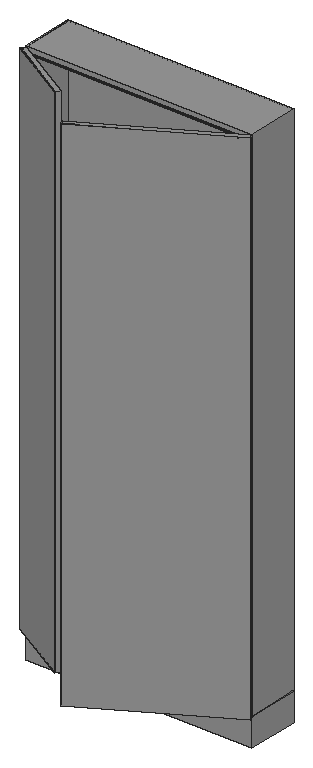
Revit family "Hager-Univers-IP54-D205-H1950-Cl.I-encl-NoHosted-PL-pl", category Electrical Equipment, Revit 2020
Family settings
  Panel Configuration = Two Columns, Circuits Across
  Round Connector Dimension = Use Diameter
  Part Type = Panelboard
  Work Plane-Based = Yes
  Always vertical = Yes
  Cut with Voids When Loaded = No
  Shared = No
  Room Calculation Point = No
Parameters (values of type "Montaż podłogowy IP54 S800 W1950 G205  - FP23TW2")
  Width Control [instance] = if([EF000008 - Szerokość] > Min Width, [EF000008 - Szerokość], Min Width)  # 800 mm
  Type Comments = [HG000003 - Zakres]  # "Univers"
  Thickness Door [instance] = if([EF009171 - Drzwi/pokrywa z materiału o wysokiej wytrzymałości mechanicznej] > 3 mm, 3 mm, [EF009171 - Drzwi/pokrywa z materiału o wysokiej wytrzymałości mechanicznej])  # 1 mm
  Seal Frame Offset [instance] = 17 mm  # constant formula
  Plinth Visibility [instance] = [HG000027 - Wysokość cokołu] > 0 mm  # yes
  Min Width [instance] = 100 mm  # constant formula
  Min Depth [instance] = (2 * [EF009170 - Obudowa z materiału o wysokiej wytrzymałości mechanicznej]) + 1 mm  # 3 mm
  Min Height [instance] = 100 mm  # constant formula
  Internal Frame Depth [instance] = (Door System Depth * 0.5)  # 9 mm
  Panel Name [instance] = ""  # (empty or 0)
  Model = ""
  HG000027 - Wysokość cokołu = 100 mm
  HG000026 - Stojąca = yes
  HG000024 - Wysokość części dolnej = 600 mm
  HG000023 - Obudowa dwusekcyjna = no
  HG000016 - Widoczność drzwi w widoku 3D [instance] = yes
  HG000015 - Przestrzeń robocza - otwarcie drzwi [instance] = no
  HG000014 - Drzwi prawe [instance] = yes
  HG000013 - Drzwi lewe [instance] = not([HG000014 - Drzwi prawe])  # no
  HG000012 - Kąt otwarcia drzwi [instance] = 30.00°
  HG000010 - Drzwi asymetryczne = yes
  HG000009 - Drzwi dwuskrzydłowe = yes
  HG000006 - Montaż podtynkowy = no
  HG000004 - Referencja producenta = "FP23TW2"
  HG000003 - Zakres = "Univers"
  HG000002 - Z drzwiami lub pokrywą = yes
  Frame Offset Bottom [instance] = 10 mm  # constant formula
  Frame Offset [instance] = 15 mm  # constant formula
  EF015940 - Pokrywa z wyzwalaczem nadciśnieniowym = no
  EF011959 - Stopień ochrony (NEMA) = ""
  EF009554 - Liczba otworów pod flansze = 6
  EF009212 - Wykonanie pokrywy = "EV000116 - Zamknięty"
  EF009171 - Drzwi/pokrywa z materiału o wysokiej wytrzymałości mechanicznej = 1 mm
  EF009170 - Obudowa z materiału o wysokiej wytrzymałości mechanicznej = 1 mm
  EF008873 - Prąd znamionowy (In) = 400 A
  EF007800 - Do ochrony odgromowej = no
  EF006306 - Z zamkiem = no
  EF006244 - Transparentna pokrywa/drzwi = no
  EF005474 - Stopień ochrony (IP) = "EV006419 - IP54"
  EF004464 - Rodzaj drzwi = "EV002646 - Pojedynczy"
  EF004427 - Liczba modułów = 432
  EF004293 - Odporność udarowa = "EV006815 - IK09"
  EF003532 - Do zastosowań zewnętrznych = no
  EF002950 - Szerokość wyrażona liczbą modułów = 36
  EF001613 - Podtrzymanie funkcji = "EV000494 - Brak"
  EF001596 - Materiał obudowy = "EV000179 - Stal"
  EF001131 - Głębokość wewnętrzna = 205 mm
  EF001088 - Możliwość rozbudowy = yes
  EF000437 - Liczba wejść kablowych = 6
  EF000339 - Rodzaj pokrywy = "EV001012 - Pokrywa"
  EF000266 - Liczba rzędów = 12
  EF000218 - Głębokość wbudowania = 0 mm
  EF000118 - Z płytą montażową = no
  EF000116 - Numer RAL = "9010"
  EF000049 - Głębokość = 205 mm
  EF000040 - Wysokość = 1950 mm
  EF000008 - Szerokość = 800 mm
  EF000007 - Kolor = "EV000202 - Biały"
  EF000003 - Sposób montażu = "EV012274 - Montaż podłogowy"
  Door System Leaf Tolerance [instance] = 1.5 mm  # constant formula
  Door System Depth [instance] = 18 mm  # constant formula
  Door Height [instance] = Height Control - [HG000027 - Wysokość cokołu]  # 1850 mm
  Description = ""
  Default Elevation = 1219.2 mm
  Connector Offset [instance] = Height Control / 2  # 975 mm
  Manufacturer = "Hager"  # constant formula
  Height Control [instance] = if([EF000040 - Wysokość] > Min Height, [EF000040 - Wysokość], Min Height)  # 1950 mm
  Depth Control [instance] = if([EF000049 - Głębokość] > Min Depth, [EF000049 - Głębokość], Min Depth)  # 205 mm
  Bottom Top Plate Trim [instance] = 1.5 mm  # constant formula
  Plinth height Ctrl [instance] = if([HG000027 - Wysokość cokołu] > 0 mm, [HG000027 - Wysokość cokołu], 12 mm)  # 100 mm
Types (4, lengths in mm): name | Width Control | HG000010 - Drzwi asymetryczne | HG000009 - Drzwi dwuskrzydłowe | HG000004 - Referencja producenta | EF009554 - Liczba otworów pod flansze | EF008873 - Prąd znamionowy (In) | EF004464 - Rodzaj drzwi | EF004427 - Liczba modułów | EF002950 - Szerokość wyrażona liczbą modułów | EF000437 - Liczba wejść kablowych | EF000008 - Szerokość
  Montaż podłogowy IP54 S1300 W1950 G205  - FP25TW2 | 1300 | yes | yes | "FP25TW2" | 10 | 400 A | "EV003602 - Podwójny" | 720 | 60 | 10 | 1300
  Montaż podłogowy IP54 S300 W1950 G205  - FP21TW2 | 300 | no | no | "FP21TW2" | 2 | 250 A | "EV002646 - Pojedynczy" | 144 | 12 | 2 | 300
  Montaż podłogowy IP54 S550 W1950 G205  - FP22TW2 | 550 | no | no | "FP22TW2" | 4 | 400 A | "EV002646 - Pojedynczy" | 288 | 24 | 4 | 550
  Montaż podłogowy IP54 S800 W1950 G205  - FP23TW2 | 800 | yes | yes | "FP23TW2" | 6 | 400 A | "EV002646 - Pojedynczy" | 432 | 36 | 6 | 800
Reference planes
  plane 1 "Center (Front/Back)": y = 0
  plane 2: z = 0
  plane 3 "Center (Left/Right)": x = 0
  plane 4: y = 0
  plane 5: y = 0
  plane 6: z = 0
  plane 7: x = -400
  plane 8: x = 400
  plane 9: x = 399
  plane 10: x = -399
  plane 11: z = 100
  plane 12: z = 101
  plane 13: y = -205
  plane 14: y = -1
  plane 15: x = 0
  plane 16: y = -187
  plane 17: y = -204
  plane 18: y = -186
  plane 19: x = -384
  plane 20: x = 384
  plane 21: z = 111
  plane 22: x = -383
  plane 23: x = 383
  plane 24: z = 100
  plane 25: z = 1950
  plane 26: z = 1950
  plane 27: z = 1934
  plane 28: z = 1949
Forms (mm)
  Extrusion 1, solid, material "Hager_Steel_RAL7035_Light_Grey", detail levels medium+fine
    sketch origin (-208.679, -4572, 100) x (-1, 0, 0) y (0, -1, 0)
      loop
        line (191.321, -4385) -> (-608.679, -4385) -> (-608.679, -4572) -> (191.321, -4572) -> (191.321, -4385)
    from 0 to 1850
  Extrusion 2, void
    sketch origin (-350.771, -205, 1219.2) x (1, 0, 0) y (0, 0, 1)
      loop
        line (-48.229, 729.8) -> (-48.229, -1118.2) -> (749.771, -1118.2) -> (749.771, 729.8) -> (-48.229, 729.8)
    from -19 to -204
  Extrusion 3, void
    sketch origin (-290.084, -187, 1219.2) x (1, 0, 0) y (0, 0, 1)
      loop
        line (-93.916, -1108.2) -> (674.084, -1108.2) -> (674.084, 714.8) -> (-93.916, 714.8) -> (-93.916, -1108.2)
    from 0 to -1
  Extrusion 4, solid, material "Hager_Steel_RAL7035_Light_Grey", visible <- "Plinth Visibility", detail levels medium+fine
    sketch origin (0, 0, 0) x (1, 0, 0) y (0, 1, 0)
      loop
        line (-400, 0) -> (-400, -187) -> (400, -187) -> (400, 0) -> (-400, 0)
    from 0 to 100 <- "Plinth height Ctrl"
  Extrusion 5, solid, material "Hager_Steel_RAL7035_Light_Grey", detail levels coarse
    sketch origin (0, 0, 0) x (1, 0, 0) y (0, 1, 0)
      loop
        line (-400, 0) -> (-400, -205) -> (400, -205) -> (400, 0) -> (-400, 0)
    from 0 to 1950 <- "Height Control"
  Sweep 6, void
    path in 3D
      loop
        line (-400, -187, 100) -> (400, -187, 100) -> (400, 0, 100) -> (-400, 0, 100) -> (-400, -187, 100)
    profile origin (-400, -93.5, 100) x (1, 0, 0) y (0, 0, 1)
      loop
        line (0, 0) -> (0, -1.5) -> (1.5, -1.5)
        arc (1.5, -1.5) -> (1.061, -0.439) -> (0, 0) r 1.5
  Extrusion 7, solid, material "Hager_Steel_RAL7035_Light_Grey", detail levels fine
    sketch origin (-400, -187, 100) x (1, 0, 0) y (0, 0, 1)
      loop
        line (16, 11) -> (784, 11) -> (784, 1834) -> (16, 1834) -> (16, 11)
      loop
        line (15, 10) -> (785, 10) -> (785, 1835) -> (15, 1835) -> (15, 10)
    from 0 to 9 <- "Internal Frame Depth"
Cuts and joins
  Extrusion 2, Extrusion 3 cuts Extrusion 1
  Sweep 6 cuts Extrusion 4
Lines and regions (mm)
  Masking region 1
    outline origin (0, 0, 0) x (1, 0, 0) y (0, 1, 0)
      loop
        line (-400, 0) -> (-400, -205) -> (400, -205) -> (400, 0) -> (-400, 0)
  Masking region 2, detail levels coarse
    outline origin (-290.084, -187, 1219.2) x (-1, 0, 0) y (0, 0, 1)
      loop
        line (-690.084, -1219.2) -> (109.916, -1219.2) -> (109.916, 730.8) -> (-690.084, 730.8) -> (-690.084, -1219.2)
  Masking region 3, detail levels coarse
    outline origin (0, 0, 0) x (0, 1, 0) y (0, 0, 1)
      loop
        line (0, 0) -> (0, 1950) -> (-205, 1950) -> (-205, 0) -> (0, 0)
  Masking region 4, visible <- "Plinth Visibility", detail levels medium+fine
    outline origin (0, 0, 0) x (0, 1, 0) y (0, 0, 1)
      loop
        line (-1.5, 100) -> (-185.5, 100)
        arc (-185.5, 100) -> (-185.939, 98.939) -> (-187, 98.5) r 1.5
        line (-187, 98.5) -> (-187, 0) -> (0, 0) -> (0, 98.5)
        arc (0, 98.5) -> (-1.061, 98.939) -> (-1.5, 100) r 1.5
  Masking region 5, detail levels medium+fine
    outline origin (0, 0, 594.038) x (0, 1, 0) y (0, 0, 1)
      loop
        line (0, -494.038) -> (0, 1355.962) -> (-187, 1355.962) -> (-187, -494.038) -> (0, -494.038)
  Masking region 6, detail levels medium+fine
    outline origin (-359.7, -187, 1211.883) x (-1, 0, 0) y (0, 0, 1)
      loop
        line (-759.7, -1111.883) -> (40.3, -1111.883) -> (40.3, 738.117) -> (-759.7, 738.117) -> (-759.7, -1111.883)
  Masking region 7, visible <- "Plinth Visibility", detail levels medium+fine
    outline origin (-320.334, -187, 1041.368) x (-1, 0, 0) y (0, 0, 1)
      loop
        line (-720.334, -1041.368) -> (79.666, -1041.368) -> (79.666, -942.868)
        arc (79.666, -942.868) -> (78.606, -942.429) -> (78.166, -941.368) r 1.5
        line (78.166, -941.368) -> (-718.834, -941.368)
        arc (-718.834, -941.368) -> (-719.273, -942.429) -> (-720.334, -942.868) r 1.5
        line (-720.334, -942.868) -> (-720.334, -1041.368)
  sketch lines
    curve 1: line (-400, 0, 100) -> (-400, -187, 100)
    curve 2: line (-400, -187, 100) -> (400, -187, 100)
    curve 3: line (400, 0, 100) -> (-400, 0, 100)
    curve 4: line (400, -187, 100) -> (400, 0, 100)
Dimensions and locks
  locked: plane 1 "Center (Front/Back)" to plane 5
  "EF009170 - Obudowa z materiału o wysokiej wytrzymałości mechanicznej": plane 7 to plane 10
  "EF009170 - Obudowa z materiału o wysokiej wytrzymałości mechanicznej": plane 8 to plane 9
  equal spacing: plane 7, plane 3 "Center (Left/Right)", plane 8
  "Width Control": plane 7 to plane 8
  "Depth Control": plane 4 to plane 13
  "EF009170 - Obudowa z materiału o wysokiej wytrzymałości mechanicznej": plane 4 to plane 14
  "Height Control": plane 25 to level
  "HG000027 - Wysokość cokołu": plane 11 to level
  "EF009170 - Obudowa z materiału o wysokiej wytrzymałości mechanicznej": plane 12 to plane 11
  "EF009170 - Obudowa z materiału o wysokiej wytrzymałości mechanicznej": plane 17 to plane 13
  "EF009170 - Obudowa z materiału o wysokiej wytrzymałości mechanicznej": plane 18 to plane 16
  "Frame Offset Bottom": plane 21 to plane 12
  "Frame Offset": plane 10 to plane 19
  "Frame Offset": plane 9 to plane 20
  "Door System Depth": plane 16 to plane 13
  "Seal Frame Offset": plane 7 to plane 22
  "Seal Frame Offset": plane 8 to plane 23
  "EF009170 - Obudowa z materiału o wysokiej wytrzymałości mechanicznej": plane 26 to plane 28
  "Frame Offset": plane 28 to plane 27
  "Connector Offset": plane 2 to connector elem
  "Bottom Top Plate Trim": profile plane to Sweep 6 sketch curve
  "Bottom Top Plate Trim": Sweep 6 sketch curve to Sweep 6 sketch curve
  "Plinth height Ctrl": Masking region 4 sketch curve to level
  "Plinth height Ctrl": Masking region 7 sketch curve to level
  "Thickness Door": Extrusion 7 sketch curve to Extrusion 7 sketch curve  (x4)
  "Bottom Top Plate Trim": radius of Sweep 6 sketch curve
  "Bottom Top Plate Trim": radius of Masking region 4 sketch curve  (x2)
  "Bottom Top Plate Trim": radius of Masking region 7 sketch curve  (x2)
  aligned and locked: Extrusion 2 sketch curve to plane 12
  aligned and locked: Extrusion 2 sketch curve to plane 9
  aligned and locked: Extrusion 2 sketch curve to plane 10
  aligned and locked: Extrusion 2 to plane 14
  aligned and locked: Extrusion 1 sketch curve to plane 4
  aligned and locked: plane 8 to Extrusion 1 sketch curve
  aligned and locked: plane 7 to Extrusion 1 sketch curve
  aligned and locked: Extrusion 2 to plane 18
  aligned and locked: Extrusion 3 sketch curve to plane 19
  aligned and locked: plane 20 to Extrusion 3 sketch curve
  aligned and locked: Extrusion 3 to Extrusion 2
  aligned and locked: Extrusion 3 sketch curve to plane 21
  aligned and locked: plane 3 "Center (Left/Right)" to nested 1
  aligned and locked: Extrusion 1 sketch curve to plane 16
  aligned and locked: Extrusion 4 sketch curve to cut or joined group of Extrusion 1, Extrusion 2, Extrusion 3
  aligned and locked: Masking region 1 sketch curve to plane 7
  aligned and locked: Masking region 1 sketch curve to plane 5
  aligned and locked: Masking region 1 sketch curve to plane 8
  aligned and locked: Masking region 2 sketch curve to level
  aligned and locked: level to Masking region 3 sketch curve
  aligned and locked: plane 1 "Center (Front/Back)" to Masking region 3 sketch curve
  aligned and locked: plane 13 to Masking region 3 sketch curve
  aligned and locked: plane 5 to Masking region 4 sketch curve
  aligned and locked: Masking region 2 sketch curve to plane 8
  aligned and locked: Masking region 2 sketch curve to plane 7
  aligned and locked: plane 7 to nested 2
  aligned and locked: nested 2 to plane 5
  aligned and locked: plane 5 to Masking region 5 sketch curve
  aligned and locked: plane 26 to Masking region 5 sketch curve
  aligned and locked: Extrusion 5 sketch curve to plane 8
  aligned and locked: Extrusion 5 sketch curve to plane 7
  aligned and locked: Extrusion 5 sketch curve to plane 5
  aligned and locked: Extrusion 3 sketch curve to plane 27
  aligned and locked: Extrusion 2 sketch curve to plane 28
  aligned and locked: Masking region 2 to plane 25
  aligned and locked: Extrusion 4 to plane 16
  aligned and locked: profile plane to Sweep 6 sketch curve
  aligned and locked: Masking region 5 sketch curve to plane 24
  aligned and locked: level to Masking region 4 sketch curve
  aligned and locked: Masking region 1 to plane 13
  aligned and locked: nested 1 to plane 16
  aligned and locked: Masking region 3 to plane 25
  aligned and locked: plane 16 to Masking region 4 sketch curve
  aligned and locked: Masking region 5 sketch curve to plane 16
  aligned and locked: plane 24 to plane 11
  aligned and locked: plane 26 to plane 25
  aligned and locked: plane 26 to cut or joined group of Extrusion 1, Extrusion 2, Extrusion 3
  aligned and locked: nested 1 to plane 24
  aligned and locked: Extrusion 1 to Extrusion 3
  aligned and locked: Masking region 6 sketch curve to plane 8
  aligned and locked: Masking region 6 sketch curve to plane 24
  aligned and locked: Masking region 6 sketch curve to plane 7
  aligned and locked: Masking region 6 sketch curve to plane 26
  aligned and locked: Masking region 7 sketch curve to plane 7
  aligned and locked: level to Masking region 7 sketch curve
  aligned and locked: Masking region 7 sketch curve to plane 8
  aligned and locked: Extrusion 7 sketch curve to cut or joined group of Extrusion 1, Extrusion 2, Extrusion 3  (x4)
Automatic sketch dimensions
  plane 19 to Extrusion 3 sketch curve = 0 mm
  Extrusion 3 sketch curve to plane 20 = 0 mm
  Extrusion 3 sketch curve to plane 21 = 0 mm
  Extrusion 4 sketch curve to plane 7 = 0 mm
  Extrusion 4 sketch curve to plane 8 = 0 mm
  Extrusion 4 sketch curve to plane 16 = 0 mm
  Masking region 1 sketch curve to plane 13 = 0 mm
  Masking region 2 sketch curve to plane 25 = 0 mm
  Masking region 3 sketch curve to plane 25 = 0 mm
  Extrusion 5 sketch curve to plane 13 = 0 mm
  profile plane to Sweep 6 sketch curve = 0 mm
Nested families
  nested 1: "EC000058_Univers_Door" at (0, -187, 100), Double <- "HG000009 - Drzwi dwuskrzydłowe", Transparent <- "EF006244 - Transparentna pokrywa/drzwi", Angle <- "HG000012 - Kąt otwarcia drzwi", Door_Right <- "HG000014 - Drzwi prawe", Assymetrical <- "HG000010 - Drzwi asymetryczne", Door <- "HG000002 - Z drzwiami lub pokrywą", Width_Ctrl <- "Width Control", 3d_Door <- "HG000016 - Widoczność drzwi w widoku 3D", Clearance <- "HG000015 - Przestrzeń robocza - otwarcie drzwi", Door_Left <- "HG000013 - Drzwi lewe", Width <- "Width Control", Door_Depth <- "Door System Depth", Leaf_Tolerance <- "Door System Leaf Tolerance", Height <- "Door Height", Lock_Visibility <- "EF006306 - Z zamkiem", Thickness <- "Thickness Door", type "EC000058_Univers_Door", detail levels medium+fine
    with min_wh 3 mm, Width_Ctrl 800 mm, Width 800 mm, Transparent no, Thickness 1 mm, Seal_Material Hager_Rubber, Lock_Visibility no, Lock_Material Hager_Plastic_RAL9005_Jet_Black, Leaf_Width 800 mm, Leaf_Tolerance_External_Sides 0 mm, Leaf_Tolerance 1.5 mm, Leaf_Offset 0 mm, Leaf_Height 1847 mm, Leaf_2_Width 532.583 mm, Leaf_2_Offset 266.292 mm, Leaf_1_Width 265.917 mm, Leaf_1_Offset 132.958 mm, Height_Ctrl 1850 mm, Height 1850 mm, Glass_Material Hager_Glass, Double_Clearance_Ctrl no, Double yes, Door_Right_Ctrl yes, Door_Right yes, Door_Material Hager_Steel_RAL7035_Light_Grey, Door_Left_Ctrl yes, Door_Left no, Door_Depth 18 mm, Door yes, Clearance_Material Hager_Clearance, Clearance_Depth 532.583 mm, Clearance_Ctrl no, Clearance no, Assymetrical yes, Angle 30.00°, 3d_Door yes
  nested 2: "Hager_Enclosure_Symbol" at (-400, 0, 0), Height <- "Depth Control", Width <- "Width Control", type "Hager_Enclosure_Symbol"
    with Width_Ctrl 800 mm, Width 800 mm, Height_Ctrl 205 mm, Height 205 mm, A_Width_Int 13.453 mm, A_Width 161.438 mm, A_Height_Ctrl 179.375 mm, A_Height 179.375 mm
Connectors
  electrical at (0, 0, 975)
    settings: on plane 1 "Center (Front/Back)", index 1, voltage 0 V, apparent load 0 VA, apparent load phase1 0 VA, apparent load phase2 0 VA, apparent load phase3 0 VA, power factor 1, load classification "Other", number of poles 1, system type 30, power factor state 1, is connector primary yes, connector utility no, sub classification motor no, connector description ""
Definition of nested family "EC000058_Univers_Door"
  Parameters (values of type "EC000058_Univers_Door")
    min_wh [instance] = (2 * Thickness) + 1 mm  # 11 mm
    Width_Ctrl [instance] = 400 mm
    Width [instance] = 500 mm
    Transparent [instance] = yes
    Thickness [instance] = 5 mm
    Seal_Material [instance] = none
    Lock_Visibility [instance] = yes
    Lock_Material [instance] = none
    Leaf_Width [instance] = if((Width_Ctrl - 2 * Leaf_Tolerance_External_Sides) > 0 mm, (Width_Ctrl - 2 * Leaf_Tolerance_External_Sides), min_wh)  # 400 mm
    Leaf_Tolerance_External_Sides [instance] = 0 mm  # constant formula
    Leaf_Tolerance [instance] = 1.5 mm
    Leaf_Offset [instance] = 0 mm  # constant formula
    Leaf_Height [instance] = if((Height_Ctrl - 2 * Leaf_Tolerance) > 0 mm, (Height_Ctrl - 2 * Leaf_Tolerance), min_wh)  # 497 mm
    Leaf_2_Width [instance] = if(and(and(Double, Assymetrical), Door_Left), (Leaf_Width / 3) - (Leaf_Tolerance / 2), if(and(and(Double, Assymetrical), Door_Right), (Leaf_Width / 3) * 2 - (Leaf_Tolerance / 2), if(and(Double, not(Assymetrical)), (Leaf_Width / 2) - Leaf_Tolerance, Leaf_Width)))  # 400 mm
    Leaf_2_Offset [instance] = if(and(Double, Assymetrical), Leaf_2_Width / 2, if(and(Double, not(Assymetrical)), Leaf_Width / 4, Leaf_Width / 2))  # 200 mm
    Leaf_1_Width [instance] = if(and(and(Double, Assymetrical), Door_Right), (Leaf_Width / 3) - (Leaf_Tolerance / 2), if(and(and(Double, Assymetrical), Door_Left), (Width / 3) * 2 - (Leaf_Tolerance / 2), if(and(Double, not(Assymetrical)), (Leaf_Width / 2) - Leaf_Tolerance, Leaf_Width)))  # 400 mm
    Leaf_1_Offset [instance] = if(and(Double, Assymetrical), Leaf_1_Width / 2, if(and(Double, not(Assymetrical)), Leaf_Width / 4, Leaf_Width / 2))  # 200 mm
    Height_Ctrl [instance] = if(Height > min_wh, Height, min_wh)  # 500 mm
    Height [instance] = 500 mm
    Glass_Material [instance] = none
    Double_Clearance_Ctrl [instance] = and(Double, Clearance)  # no
    Double [instance] = no
    Door_Right_Ctrl [instance] = and(or(Door_Right, Double), Door)  # yes
    Door_Right [instance] = yes
    Door_Material [instance] = none
    Door_Left_Ctrl [instance] = and(or(Door_Left, Double), Door)  # no
    Door_Left [instance] = no
    Door_Depth [instance] = 30 mm
    Door [instance] = yes
    Default Elevation = 1219.2 mm
    Clearance_Material [instance] = none
    Clearance_Depth [instance] = if(Leaf_1_Width > Leaf_2_Width, Leaf_1_Width, Leaf_2_Width)  # 400 mm
    Clearance_Ctrl [instance] = and(not(Double), Clearance)  # yes
    Clearance [instance] = yes
    Assymetrical [instance] = yes
    Angle [instance] = 30.00°
    3d_Door [instance] = yes
  Reference planes
    plane 1 "Center (Front/Back)": y = 0
    plane 2 "Bottom": z = 0
    plane 3 "Center (Left/Right)": x = 0
    plane 4: z = 500
    plane 5: x = -200
    plane 6: x = 200
    plane 7: z = 500
    plane 8: x = -200
    plane 9: z = 0
    plane 10: x = 200
    plane 11: y = 0
    plane 12: z = 1.5
    plane 13: x = -600
    plane 14: y = -400
    plane 15: x = 600
    plane 16: x = 0
    plane 17: x = 0
    plane 18: x = -200
    plane 19: x = 200
    plane 20: z = 498.5
  Forms (mm)
    Extrusion 1, solid, material <- "Clearance_Material", visible <- "Double_Clearance_Ctrl"
      sketch origin (1200, 0, 0) x (1, 0, 0) y (0, 0, -1)
        loop
          line (-1800, -498.5) -> (-600, -498.5) -> (-600, 0) -> (-1800, 0) -> (-1800, -498.5)
      from 0 to -400
  Dimensions and locks
    equal spacing: plane 5, plane 3 "Center (Left/Right)", plane 6
    "Width_Ctrl": plane 5 to plane 6
    "Leaf_Offset": plane 5 to plane 8
    "Leaf_Offset": plane 6 to plane 10
    "Leaf_Offset": plane 9 to level
    "Leaf_Offset": plane 4 to plane 7
    "Height_Ctrl": plane 4 to level
    "Leaf_Tolerance": plane 12 to plane 9
    locked: plane 11 to plane 1 "Center (Front/Back)"
    "Leaf_1_Offset": plane 18 to plane 16
    "Leaf_2_Offset": plane 17 to plane 19
    "Leaf_1_Width": plane 13 to plane 8
    "Leaf_2_Width": plane 10 to plane 15
    "Clearance_Depth": plane 14 to plane 1 "Center (Front/Back)"
    "Leaf_Tolerance_External_Sides": plane 8 to plane 18
    "Leaf_Tolerance_External_Sides": plane 19 to plane 10
    "Leaf_Tolerance": plane 7 to plane 20
    aligned and locked: level to plane 2 "Bottom"
    aligned and locked: nested 1 to plane 16
    aligned and locked: nested 2 to plane 17
    aligned and locked: Extrusion 1 to plane 13
    aligned and locked: plane 15 to Extrusion 1
    aligned and locked: Extrusion 1 to plane 14
    aligned and locked: plane 12 to nested 1
    aligned and locked: nested 2 to plane 12
    aligned and locked: Extrusion 1 to plane 11
    aligned and locked: plane 20 to Extrusion 1
    aligned and locked: nested 2 to plane 11
    aligned and locked: nested 1 to plane 11
  Automatic sketch dimensions
    Extrusion 1 sketch curve to level = 0 mm
    plane 5 to Extrusion 1 sketch curve = 400 mm
    plane 6 to Extrusion 1 sketch curve = 400 mm
    Extrusion 1 sketch curve to plane 4 = 1.5 mm
  Nested families
    nested 1: "EC000058_Univers_Door_Leaf" at (0, 0, 1.5), Width <- "Leaf_1_Width", visible <- "Door_Left_Ctrl", Leaf_Height <- "Leaf_Height", Angle <- "Angle", 3d_Door <- "3d_Door", Transparent <- "Transparent", Clearance Material <- "Clearance_Material", Clearance <- "Clearance_Ctrl", Door_Material <- "Door_Material", Glass_Material <- "Glass_Material", Door_Depth <- "Door_Depth", Lock_Material <- "Lock_Material", Seal_Material <- "Seal_Material", Lock_Visibility <- "Lock_Visibility", Thickness <- "Thickness", type "EC000058_Univers_Door_Leaf"
      with Width 400 mm, Transparent_Glass_Offset 30 mm, Transparent_Ctrl yes, Transparent yes, Thickness 5 mm, Standard no, Seal_Material none, Seal_D2 8 mm, Seal_D1 1 mm, Offset_Internal_Frame 10 mm, Lock_Width 20 mm, Lock_Visibility_3d yes, Lock_Visibility yes, Lock_Thickness_3 3 mm, Lock_Thickness_2 1 mm, Lock_Thickness_1 3 mm, Lock_Radius_Offset_2 16 mm, Lock_Radius_Offset_1 15 mm, Lock_Radius_2 5 mm, Lock_Radius 6 mm, Lock_Offset 5 mm, Lock_Material none, Lock_Height 80 mm, Lock_Cover_Top_Offset_2d 17 mm, Lock_Cover_Height -65 mm, Leaf_Height 497 mm, Internal_Seal_Thickness 8 mm, Internal_Seal_Depth_2 4.5 mm, Internal_Frame_Depth 25 mm, Glass_Thickness -1 mm, Glass_Offset -2 mm, Glass_Material none, Door_Material none, Door_Depth 30 mm, Clearance Material none, Clearance yes, Angle_Ctrl 30.00°, Angle 30.00°, 3d_Door yes
    nested 2: "EC000058_Univers_Door_Leaf" at (0, 0, 1.5) x (-1, 0, 0) z (0, 0, 1), Width <- "Leaf_2_Width", visible <- "Door_Right_Ctrl", Leaf_Height <- "Leaf_Height", Angle <- "Angle", 3d_Door <- "3d_Door", Transparent <- "Transparent", Clearance Material <- "Clearance_Material", Clearance <- "Clearance_Ctrl", Door_Material <- "Door_Material", Glass_Material <- "Glass_Material", Door_Depth <- "Door_Depth", Lock_Material <- "Lock_Material", Seal_Material <- "Seal_Material", Lock_Visibility <- "Lock_Visibility", Thickness <- "Thickness", type "EC000058_Univers_Door_Leaf"
      with Width 400 mm, Transparent_Glass_Offset 30 mm, Transparent_Ctrl yes, Transparent yes, Thickness 5 mm, Standard no, Seal_Material none, Seal_D2 8 mm, Seal_D1 1 mm, Offset_Internal_Frame 10 mm, Lock_Width 20 mm, Lock_Visibility_3d yes, Lock_Visibility yes, Lock_Thickness_3 3 mm, Lock_Thickness_2 1 mm, Lock_Thickness_1 3 mm, Lock_Radius_Offset_2 16 mm, Lock_Radius_Offset_1 15 mm, Lock_Radius_2 5 mm, Lock_Radius 6 mm, Lock_Offset 5 mm, Lock_Material none, Lock_Height 80 mm, Lock_Cover_Top_Offset_2d 17 mm, Lock_Cover_Height -65 mm, Leaf_Height 497 mm, Internal_Seal_Thickness 8 mm, Internal_Seal_Depth_2 4.5 mm, Internal_Frame_Depth 25 mm, Glass_Thickness -1 mm, Glass_Offset -2 mm, Glass_Material none, Door_Material none, Door_Depth 30 mm, Clearance Material none, Clearance yes, Angle_Ctrl 30.00°, Angle 30.00°, 3d_Door yes
  Definition of nested family "EC000058_Univers_Door_Leaf"
    Parameters (values of type "EC000058_Univers_Door_Leaf")
      Width [instance] = 2000 mm
      Transparent_Glass_Offset [instance] = 30 mm
      Transparent_Ctrl [instance] = and(Transparent, [3d_Door])  # yes
      Transparent [instance] = yes
      Thickness [instance] = 5 mm
      Standard [instance] = and(not(Transparent), [3d_Door])  # no
      Seal_Material [instance] = none
      Seal_D2 [instance] = 8 mm  # constant formula
      Seal_D1 [instance] = 1 mm  # constant formula
      Offset_Internal_Frame [instance] = 10 mm  # constant formula
      Lock_Width [instance] = 20 mm  # constant formula
      Lock_Visibility_3d [instance] = and(Lock_Visibility, [3d_Door])  # yes
      Lock_Visibility [instance] = yes
      Lock_Thickness_3 [instance] = 3 mm  # constant formula
      Lock_Thickness_2 [instance] = 1 mm  # constant formula
      Lock_Thickness_1 [instance] = 3 mm  # constant formula
      Lock_Radius_Offset_2 [instance] = Lock_Radius_Offset_1 + 1 mm  # 16 mm
      Lock_Radius_Offset_1 [instance] = 15 mm  # constant formula
      Lock_Radius_2 [instance] = Lock_Radius - 1 mm  # 5 mm
      Lock_Radius [instance] = 6 mm  # constant formula
      Lock_Offset [instance] = 5 mm  # constant formula
      Lock_Material [instance] = none
      Lock_Height [instance] = 80 mm  # constant formula
      Lock_Cover_Top_Offset_2d [instance] = Lock_Radius_Offset_2 + 1 mm  # 17 mm
      Lock_Cover_Height [instance] = -(Lock_Height - Lock_Radius_Offset_1)  # -65 mm
      Leaf_Height [instance] = 2720.336 mm
      Internal_Seal_Thickness [instance] = 8 mm  # constant formula
      Internal_Seal_Depth_2 [instance] = 4.5 mm  # constant formula
      Internal_Frame_Depth [instance] = if(Door_Depth - Thickness > 5 mm, Door_Depth - Thickness, 5 mm)  # 25 mm
      Glass_Thickness [instance] = if(Thickness > 15 mm, Glass_Offset + 10 mm, -1 mm)  # -1 mm
      Glass_Offset [instance] = if(Thickness > 15 mm, -(Thickness + 10 mm) / 2, -2 mm)  # -2 mm
      Glass_Material [instance] = none
      Door_Material [instance] = none
      Door_Depth [instance] = 30 mm
      Default Elevation = 0 mm
      Clearance Material [instance] = none
      Clearance [instance] = yes
      Angle_Ctrl [instance] = if(Angle > 180.00°, 180.00°, Angle)  # 90.00°
      Angle [instance] = 90.00°
      3d_Door [instance] = yes
    Reference planes
      plane 1 "Center (Front/Back)": y = 0
      plane 2: z = 0
      plane 3 "Center (Left/Right)": x = 0
      plane 4: y = 2000
      plane 5: x = -1000
      plane 6: x = 1000
      plane 7: x = -3000
      plane 8: z = 2720.336
      plane 9: z = 30
      plane 10: z = 2690.336
      plane 11: x = 970
      plane 12: x = -970
      plane 13: y = -3
      plane 14: z = 107.833
      plane 15: y = -5
      plane 16: y = -223.314
      plane 17: x = -1000
      plane 18: z = 1360.168
      plane 19: y = 30
    Forms (mm)
      Extrusion 1, solid, material <- "Clearance Material", visible <- "Clearance"
        sketch origin (0, 0, 0) x (1, 0, 0) y (0, 0, 1)
          loop
            line (-3000, 2720.336) -> (-3000, 0) -> (1000, 0) -> (1000, 2720.336) -> (-3000, 2720.336)
        from 0 to -2000
      Extrusion 2, solid, material <- "Door_Material", visible <- "Standard", detail levels medium+fine
        sketch origin (-1000, 0, 0) x (0, 1, 0) y (-1, 0, 0)
          loop
            line (0, 30) -> (0, 25) -> (2000, 25) -> (2000, 30) -> (0, 30)
        from 0 to 2720.336 <- "Leaf_Height"
      Extrusion 3, solid, material <- "Door_Material", visible <- "Transparent_Ctrl", detail levels medium+fine
        sketch origin (-1000, 0, 0) x (0, 1, 0) y (-1, 0, 0)
          loop
            line (0, 25) -> (2000, 25) -> (2000, 30) -> (0, 30) -> (0, 25)
        from 0 to 2720.336 <- "Leaf_Height"
      Extrusion 4, void
        sketch origin (-1025, 2000, 0) x (0, 1, 0) y (0, 0, -1)
          loop
            line (-30, -2690.336) -> (-30, -30) -> (-1970, -30) -> (-1970, -2690.336) -> (-30, -2690.336)
        from 0 to 5 <- "Thickness"
      Sweep 5, solid, material <- "Seal_Material", visible <- "Transparent_Ctrl", detail levels fine
        path in 3D
          loop
            line (-1025, 30, 30) -> (-1025, 30, 2690.336) -> (-1025, 1970, 2690.336) -> (-1025, 1970, 30) -> (-1025, 30, 30)
        profile origin (-1025, 1000, 30) x (1, 0, 0) y (0, 0, 1)
          loop
            line (0, 0) -> (0, -8) -> (1, -8) -> (1, 0) -> (0, 0)
      Extrusion 6, solid, material <- "Glass_Material", visible <- "Transparent_Ctrl", detail levels medium+fine
        sketch origin (-1030, 0, 0) x (0, 1, 0) y (0, 0, -1)
          loop
            line (1970, -2690.336) -> (1970, -30) -> (30, -30) -> (30, -2690.336) -> (1970, -2690.336)
        from -2 <- "Glass_Offset" to -1 <- "Glass_Thickness"
      Extrusion 7, solid, material <- "Door_Material", visible <- "3d_Door", detail levels medium+fine
        sketch origin (-1025, 2000, 0) x (0, -1, 0) y (0, 0, -1)
          loop
            line (0, -2720.336) -> (2000, -2720.336) -> (2000, 0) -> (0, 0) -> (0, -2720.336)
          loop
            line (1995, -5) -> (5, -5) -> (5, -2715.336) -> (1995, -2715.336) -> (1995, -5)
        from 0 to 25 <- "Internal_Frame_Depth"
      Sweep 8, solid, material <- "Seal_Material", visible <- "Transparent_Ctrl", detail levels fine
        path in 3D
          loop
            line (-1025, 0, 0) -> (-1025, 2000, 0) -> (-1025, 2000, 2720.336) -> (-1025, 0, 2720.336) -> (-1025, 0, 0)
        profile origin (-1025, 0, 1360.168) x (1, 0, 0) y (0, 1, 0)
          loop
            line (0, 10) -> (2.975, 10)
            arc (2.975, 10) -> (4.053, 10.447) -> (4.5, 11.525) r 1.525
            line (4.5, 11.525) -> (4.5, 16.527)
            arc (4.5, 16.527) -> (4.069, 17.569) -> (3.027, 18) r 1.473
            line (3.027, 18) -> (0, 18) -> (0, 10)
      Extrusion 9, solid, material <- "Lock_Material", visible <- "Lock_Visibility_3d", detail levels fine
        sketch origin (-1030, 0, 0) x (0, 1, 0) y (0, 0, -1)
          loop
            arc (1993.5, -1400.168) -> (1994.561, -1399.729) -> (1995, -1398.668) r 1.5
            line (1995, -1398.668) -> (1995, -1320.168) -> (1975, -1320.168) -> (1975, -1398.668)
            arc (1975, -1398.668) -> (1975.439, -1399.729) -> (1976.5, -1400.168) r 1.5
            line (1976.5, -1400.168) -> (1993.5, -1400.168)
        from 3 <- "Lock_Thickness_1" to 0
      Blend 10, solid, material <- "Lock_Material", visible <- "Lock_Visibility_3d", detail levels fine
        base sketch origin (-1033, 0, 0) x (0, 1, 0) y (0, 0, -1)
          loop
            line (1975, -1320.168) -> (1975, -1398.668)
            arc (1975, -1398.668) -> (1975.439, -1399.729) -> (1976.5, -1400.168) r 1.5
            line (1976.5, -1400.168) -> (1993.5, -1400.168)
            arc (1993.5, -1400.168) -> (1994.561, -1399.729) -> (1995, -1398.668) r 1.5
            line (1995, -1398.668) -> (1995, -1320.168) -> (1975, -1320.168)
        top sketch origin (-1033, 0, 0) x (0, 1, 0) y (0, 0, -1)
          loop
            line (1976, -1320.168) -> (1976, -1398.668)
            arc (1976, -1398.668) -> (1976.146, -1399.022) -> (1976.5, -1399.168) r 0.5
            line (1976.5, -1399.168) -> (1993.5, -1399.168)
            arc (1993.5, -1399.168) -> (1993.854, -1399.022) -> (1994, -1398.668) r 0.5
            line (1994, -1398.668) -> (1994, -1320.168) -> (1976, -1320.168)
        from 0 to 1 <- "Lock_Thickness_2"
      Blend 11, solid, material <- "Lock_Material", visible <- "Lock_Visibility_3d", detail levels fine
        base sketch origin (-1034, 0, 0) x (0, 1, 0) y (0, 0, -1)
          loop
            line (1978, -1320.168) -> (1978, -1384.168)
            arc (1978, -1384.168) -> (1985, -1391.168) -> (1992, -1384.168) r 7
            line (1992, -1384.168) -> (1992, -1320.168) -> (1978, -1320.168)
        top sketch origin (-1034, 0, 0) x (0, 1, 0) y (0, 0, -1)
          loop
            line (1991, -1320.168) -> (1979, -1320.168) -> (1979, -1383.168)
            arc (1979, -1383.168) -> (1985, -1389.168) -> (1991, -1383.168) r 6
            line (1991, -1383.168) -> (1991, -1320.168)
        from 0 to 3 <- "Lock_Thickness_3"
      Extrusion 12, solid, material <- "Lock_Material", visible <- "Lock_Visibility_3d", detail levels fine
        sketch origin (-1030, 1975, 1320.168) x (1, 0, 0) y (0, -1, 0)
          loop
            line (-7, -19) -> (-7, -1) -> (0, -1) -> (0, 0) -> (-8, 0) -> (-8, -20) -> (0, -20) -> (0, -19) -> (-7, -19)
        from 0 to -65 <- "Lock_Cover_Height"
      Extrusion 13, void
        sketch origin (-1038, 1995, 1320.168) x (-1, 0, 0) y (0, 0, -1)
          loop
            line (-5, -65) -> (0, -65) -> (-5, -60) -> (-5, -65)
        from 0 to 20 <- "Lock_Width"
      Extrusion 14, void
        sketch origin (-1038, 1975, 1320.168) x (0, -1, 0) y (0, 0, -1)
          loop
            circle (-10, -15.995) r 6
          loop
            circle (-10, -15.995) r 5
        from 0 to 2
      Extrusion 15, solid, material <- "Lock_Material", visible <- "Lock_Visibility_3d", detail levels medium
        sketch origin (-1030, 0, 0) x (0, 1, 0) y (0, 0, -1)
          loop
            arc (1993.5, -1400.168) -> (1994.561, -1399.729) -> (1995, -1398.668) r 1.5
            line (1995, -1398.668) -> (1995, -1320.168) -> (1975, -1320.168) -> (1975, -1398.668)
            arc (1975, -1398.668) -> (1975.439, -1399.729) -> (1976.5, -1400.168) r 1.5
            line (1976.5, -1400.168) -> (1993.5, -1400.168)
        from 8 to 0
    Cuts and joins
      Extrusion 4 cuts Extrusion 3
      Extrusion 13, Extrusion 14 cuts Extrusion 9
      Extrusion 14 cuts Blend 11
      Extrusion 13, Extrusion 14 cuts Extrusion 12
      joined: Extrusion 9, Blend 10, Blend 11, Extrusion 12
      Extrusion 14 cuts Extrusion 15
    Lines and regions (mm)
      Masking region 1, visible <- "Lock_Visibility", detail levels fine
        outline origin (0, 0, 0) x (0, 1, 0) y (0, 0, 1)
          loop
            line (30, 1320.168) -> (33, 1320.168) -> (33, 1400.168) -> (30, 1400.168) -> (30, 1320.168)
      Masking region 2, visible <- "Lock_Visibility", detail levels fine
        outline origin (0, 3.143, 0) x (0, 1, 0) y (0, 0, 1)
          loop
            line (29.857, 1354.168) -> (30.857, 1354.168) -> (30.857, 1366.168) -> (29.857, 1366.168) -> (29.857, 1354.168)
      Masking region 3, detail levels medium+fine
        outline origin (0, 0, 0) x (0, 1, 0) y (0, 0, 1)
          loop
            line (0, 0) -> (30, 0) -> (30, 2720.336) -> (0, 2720.336) -> (0, 0)
      Masking region 4, detail levels medium+fine
        outline origin (0, 0, 0) x (1, 0, 0) y (0, 0, 1)
          loop
            line (-1000, 2720.336) -> (-1000, 0) -> (1000, 0) -> (1000, 2720.336) -> (-1000, 2720.336)
      Masking region 5, visible <- "Lock_Visibility", detail levels fine
        outline origin (-47.116, 0, 0) x (1, 0, 0) y (0, 0, 1)
          loop
            arc (1024.616, 1399.168) -> (1023.556, 1398.729) -> (1023.116, 1397.668) r 1.5
            line (1023.116, 1397.668) -> (1023.116, 1320.168) -> (1041.116, 1320.168) -> (1041.116, 1397.668)
            arc (1041.116, 1397.668) -> (1040.677, 1398.729) -> (1039.616, 1399.168) r 1.5
            line (1039.616, 1399.168) -> (1024.616, 1399.168)
      Masking region 6, visible <- "Lock_Visibility", detail levels medium+fine
        outline origin (-25, 0, 0) x (1, 0, 0) y (0, 0, 1)
          loop
            arc (1001.5, 1400.168) -> (1000.439, 1399.729) -> (1000, 1398.668) r 1.5
            line (1000, 1398.668) -> (1000, 1320.168) -> (1020, 1320.168) -> (1020, 1398.668)
            arc (1020, 1398.668) -> (1019.561, 1399.729) -> (1018.5, 1400.168) r 1.5
            line (1018.5, 1400.168) -> (1001.5, 1400.168)
      Masking region 7, visible <- "Lock_Visibility", detail levels fine
        outline origin (-73.735, 0, 0) x (1, 0, 0) y (0, 0, 1)
          loop
            line (1051.735, 1382.168) -> (1065.735, 1382.168) -> (1065.735, 1384.168)
            arc (1065.735, 1384.168) -> (1058.735, 1391.168) -> (1051.735, 1384.168) r 7
            line (1051.735, 1384.168) -> (1051.735, 1382.168)
      Masking region 8, visible <- "Lock_Visibility", detail levels fine
        outline origin (-73.735, 0, 0) x (1, 0, 0) y (0, 0, 1)
          loop
            line (1052.735, 1382.168) -> (1064.735, 1382.168) -> (1064.735, 1383.168)
            arc (1064.735, 1383.168) -> (1058.735, 1389.168) -> (1052.735, 1383.168) r 6
            line (1052.735, 1383.168) -> (1052.735, 1382.168)
      Masking region 9, visible <- "Lock_Visibility", detail levels fine
        outline origin (-25, 0, 0) x (1, 0, 0) y (0, 0, 1)
          loop
            line (1020, 1320.168) -> (1020, 1382.168) -> (1000, 1382.168) -> (1000, 1320.168) -> (1020, 1320.168)
      Masking region 10, detail levels medium+fine
        outline origin (0, 0, 0) x (1, 0, 0) y (0, 0, 1)
          loop
            circle (985, 1335.144) r 6
      Masking region 11, detail levels fine
        outline origin (0, 0, 0) x (1, 0, 0) y (0, 0, 1)
          loop
            circle (985, 1335.144) r 5
      Masking region 12, visible <- "Lock_Visibility", detail levels fine
        outline origin (0, 12.767, 0) x (0, 1, 0) y (0, 0, 1)
          loop
            line (20.233, 1320.168) -> (21.233, 1320.168) -> (21.233, 1399.168) -> (20.233, 1400.168) -> (20.233, 1320.168)
      Masking region 13, visible <- "Lock_Visibility", detail levels fine
        outline origin (0, 13.767, -10) x (0, 1, 0) y (0, 0, 1)
          loop
            line (20.233, 1330.168) -> (23.233, 1330.168) -> (23.233, 1399.168) -> (20.233, 1402.168) -> (20.233, 1330.168)
      Masking region 14, visible <- "Lock_Visibility", detail levels fine
        outline origin (0, 12.767, -10) x (0, 1, 0) y (0, 0, 1)
          loop
            line (20.233, 1330.168) -> (25.233, 1330.168) -> (25.233, 1399.305) -> (20.233, 1394.305) -> (20.233, 1330.168)
      Masking region 15, visible <- "Lock_Visibility", detail levels medium
        outline origin (0, 0, 0) x (0, 1, 0) y (0, 0, 1)
          loop
            line (30, 1320.168) -> (38, 1320.168) -> (38, 1400.168) -> (30, 1400.168) -> (30, 1320.168)
      Masking region 16, visible <- "Lock_Visibility", detail levels fine
        outline origin (-1000, 0, 0) x (0, 1, 0) y (-1, 0, 0)
          loop
            line (1975, 30) -> (1995, 30) -> (1995, 38) -> (1975, 38) -> (1975, 30)
          loop
            line (1979, 37) -> (1976, 37) -> (1976, 34) -> (1978, 34) -> (1979, 37)
          loop
            line (1994, 37) -> (1991, 37) -> (1992, 34) -> (1994, 34) -> (1994, 37)
      Masking region 17, visible <- "Lock_Visibility", detail levels medium
        outline origin (-1000, 0, 0) x (0, 1, 0) y (-1, 0, 0)
          loop
            line (1975, 30) -> (1995, 30) -> (1995, 38) -> (1975, 38) -> (1975, 30)
      symbolic lines
        curve 1: line (1000, 0, 0) -> (-3000, 0, 0)
        curve 2: arc (1000, 0, 0) -> (-1000, 2000, 0) -> (-3000, 0, 0) r 2000
        curve 4: line (-1030, 0, 0) -> (-1030, 2000, 0)
      reference lines
        curve 3: line (-1000, 0, 0) -> (-1000, 2000, 0)
      symbolic lines, detail levels medium+fine
        curve 5: line (-1030, 2000, 0) -> (-1025, 2000, 0)
        curve 7: line (-1025, 0, 0) -> (-1030, 0, 0)
        curve 8: line (-1025, 0, 0) -> (-1000, 0, 0)
        curve 9: line (-1000, 0, 0) -> (-1000, 2000, 0)
        curve 10: line (-1000, 2000, 0) -> (-1025, 2000, 0)
      symbolic lines, detail levels fine
        curve 6: line (-1025, 2000, 0) -> (-1025, 0, 0)
      sketch lines
        curve 11: line (-1025, 0, 2720.336) -> (-1025, 0, 0)
        curve 12: line (-1025, 2000, 0) -> (-1025, 0, 0)
        curve 13: line (-1025, 2000, 2720.336) -> (-1025, 2000, 0)
        curve 14: line (-1025, 0, 2720.336) -> (-1025, 2000, 2720.336)
        curve 15: line (-1025, 1970, 30) -> (-1025, 30, 30)
        curve 16: line (-1025, 30, 30) -> (-1025, 30, 2690.336)
        curve 17: line (-1025, 1970, 2690.336) -> (-1025, 1970, 30)
        curve 18: line (-1025, 30, 2690.336) -> (-1025, 1970, 2690.336)
      symbolic lines, visible <- "Transparent", detail levels medium+fine
        curve 19: line (-970, 0, 2690.336) -> (970, 0, 2690.336)
        curve 20: line (-970, 0, 30) -> (-970, 0, 2690.336)
        curve 21: line (970, 0, 30) -> (-970, 0, 30)
        curve 22: line (970, 0, 2690.336) -> (970, 0, 30)
    Dimensions and locks
      "Width": plane 1 "Center (Front/Back)" to plane 4
      equal spacing: plane 5, plane 3 "Center (Left/Right)", plane 6
      "Width": plane 5 to plane 6
      "Width": plane 7 to plane 5
      "Leaf_Height": plane 8 to level
      "Width": curve 5 to curve 3
      "Width": curve 3 to curve 3
      plane 8 to plane 10 = 30 mm
      plane 9 to level = 30 mm
      plane 12 to plane 5 = 30 mm
      plane 6 to plane 11 = 30 mm
      Extrusion 1 to Extrusion 4 sketch curve = 30 mm
      "Transparent_Glass_Offset": curve 3 to Extrusion 4 sketch curve
      "Transparent_Glass_Offset": Extrusion 4 sketch curve to cut or joined group of Extrusion 3, Extrusion 4  (x2)
      cut or joined group of Extrusion 3, Extrusion 4 to Extrusion 6 sketch curve = 30 mm
      "Transparent_Glass_Offset": cut or joined group of Extrusion 3, Extrusion 4 to Extrusion 4 sketch curve
      "Thickness": curve 6 to curve 4
      "Thickness": Extrusion 7 sketch curve to Extrusion 7 sketch curve  (x4)
      "Door_Depth": curve 4 to curve 3
      "Offset_Internal_Frame": profile plane to Sweep 8 sketch curve
      "Internal_Seal_Thickness": Sweep 8 sketch curve to Sweep 8 sketch curve
      "Internal_Seal_Depth_2": profile plane to Sweep 8 sketch curve
      "Seal_D1": profile plane to Sweep 5 sketch curve
      "Seal_D2": profile plane to Sweep 5 sketch curve
      "Thickness": Extrusion 2 sketch curve to Extrusion 2 sketch curve
      equal spacing: Extrusion 9 sketch curve, plane 18, Extrusion 9 sketch curve  (x2)
      equal spacing: Masking region 1 sketch curve, plane 18, Masking region 1 sketch curve
      "Lock_Height": Masking region 1 sketch curve to Masking region 1 sketch curve
      "Lock_Radius": Masking region 2 sketch curve to plane 18 to Masking region 2 sketch curve
      Masking region 2 sketch curve to Masking region 1 = 1 mm
      "Door_Depth": plane 19 to plane 1 "Center (Front/Back)"
      "Lock_Thickness_1": Masking region 1 sketch curve to plane 19
      "Lock_Width": Extrusion 9 sketch curve to Extrusion 9 sketch curve
      "Lock_Height": Extrusion 9 sketch curve to Extrusion 9 sketch curve
      "Lock_Offset": cut or joined group of Extrusion 3, Extrusion 4 to Extrusion 9 sketch curve
      equal spacing: plane 8, plane 18, level
      "Lock_Radius_Offset_1": Blend 11 sketch curve to Blend 10
      locked: Blend 10 to Blend 11 sketch curve at 2  (x2)
      locked: var sketch to Blend 11 sketch curve at 1  (x2)
      "Lock_Radius_Offset_2": Blend 11 sketch curve to Blend 10
      locked: Extrusion 12 sketch curve to Extrusion 12 sketch curve at 1  (x3)
      Masking region 6 sketch curve to Masking region 6 sketch curve = 80 mm
      "Lock_Height": Masking region 6 sketch curve to Masking region 6 sketch curve
      "Lock_Width": Masking region 6 sketch curve to Masking region 6 sketch curve
      locked: Masking region 6 to Masking region 5 sketch curve at 1  (x3)
      locked: Masking region 5 to Masking region 7 sketch curve at 2  (x2)
      "Lock_Radius_Offset_1": Masking region 5 to Masking region 7 sketch curve
      "Lock_Radius_Offset_2": Masking region 5 to Masking region 8 sketch curve
      locked: Masking region 7 to Masking region 8 sketch curve at 1  (x2)
      "Lock_Cover_Top_Offset_2d": Masking region 5 to Masking region 9 sketch curve
      equal spacing: Masking region 9, Masking region 10 sketch curve, Masking region 9
      equal spacing: Masking region 9, Masking region 11 sketch curve, Masking region 9
      Extrusion 15 sketch curve to Extrusion 15 sketch curve = 80 mm
      "Lock_Width": Extrusion 15 sketch curve to Extrusion 15 sketch curve
      "Lock_Height": Extrusion 15 sketch curve to Extrusion 15 sketch curve
      equal spacing: Extrusion 15 sketch curve, plane 18, Extrusion 15 sketch curve
      "Lock_Thickness_3": Masking region 13 sketch curve to Masking region 13 sketch curve
      "Lock_Height": Masking region 12 sketch curve to Masking region 12 sketch curve
      locked: Masking region 13 sketch curve to Masking region 1 at 8
      locked: Masking region 14 sketch curve to Masking region 13 at 1
      locked: Masking region 14 sketch curve to Masking region 1 at 10.863
      "Lock_Height": Masking region 15 sketch curve to Masking region 15 sketch curve
      "Lock_Offset": Extrusion 15 sketch curve to cut or joined group of Extrusion 3, Extrusion 4
      "Lock_Offset": plane 6 to Masking region 6 sketch curve
      radius of Sweep 8 sketch curve = 1.525 mm
      radius of Sweep 8 sketch curve = 1.473 mm
      radius of Extrusion 9 sketch curve = 1.5 mm  (x2)
      "Lock_Radius": radius of Extrusion 14 sketch curve
      "Lock_Radius_2": radius of Extrusion 14 sketch curve
      "Lock_Radius": radius of Masking region 10 sketch curve
      "Lock_Radius_2": radius of Masking region 11 sketch curve
      radius of Extrusion 15 sketch curve = 1.5 mm  (x2)
      "Angle_Ctrl": angle plane 1 "Center (Front/Back)" to curve 3
      locked: Masking region 12 sketch curve to Masking region 12 sketch curve (angle 45.00°)
      locked: Masking region 13 sketch curve to Masking region 13 sketch curve (angle 45.00°)
      locked: Masking region 14 sketch curve to Masking region 14 sketch curve (angle 45.00°)
      aligned and locked: level to plane 2
      aligned and locked: Extrusion 1 to curve 1
      aligned and locked: plane 6 to Extrusion 1
      aligned and locked: Extrusion 1 to plane 1 "Center (Front/Back)"
      aligned and locked: plane 4 to Extrusion 1
      aligned and locked: plane 8 to Extrusion 1
      aligned and locked: curve 7 to Extrusion 2 sketch curve
      aligned and locked: curve 5 to Extrusion 2 sketch curve
      aligned and locked: curve 7 to Extrusion 3 sketch curve
      aligned and locked: Extrusion 3 sketch curve to curve 4
      aligned and locked: Extrusion 3 sketch curve to curve 6
      aligned and locked: Extrusion 3 sketch curve to curve 5
      aligned and locked: curve 9 to curve 3
      aligned and locked: Extrusion 7 sketch curve to cut or joined group of Extrusion 3, Extrusion 4  (x4)
      aligned and locked: plane 17 to curve 3
      aligned and locked: plane 1 "Center (Front/Back)" to curve 3
      aligned and locked: plane 17 to plane 5
      aligned and locked: Sweep 8 sketch curve to profile plane
      aligned and locked: Sweep 5 sketch curve to profile plane  (x2)
      aligned and locked: Masking region 1 to Masking region 2 sketch curve
      aligned and locked: plane 19 to Masking region 1 sketch curve
      aligned and locked: plane 1 "Center (Front/Back)" to Masking region 3 sketch curve
      aligned and locked: plane 19 to Masking region 3 sketch curve
      aligned and locked: level to Masking region 3 sketch curve
      aligned and locked: Masking region 3 sketch curve to plane 8
      aligned and locked: plane 17 to Masking region 4 sketch curve
      aligned and locked: level to Masking region 4 sketch curve
      aligned and locked: Masking region 4 sketch curve to plane 8
      aligned and locked: plane 12 to curve 20
      aligned and locked: plane 10 to curve 19
      aligned and locked: plane 11 to curve 22
      aligned and locked: curve 21 to plane 9
      aligned and locked: Extrusion 2 sketch curve to cut or joined group of Extrusion 3, Extrusion 4
      aligned and locked: Blend 10 sketch curve to Extrusion 9  (x4)
      aligned and locked: Extrusion 9 to Blend 10 sketch curve
      aligned and locked: Blend 10 to Blend 11 sketch curve
      aligned and locked: Extrusion 12 sketch curve to Blend 11
      aligned and locked: Extrusion 12 sketch curve to Extrusion 9  (x4)
      aligned and locked: Masking region 5 sketch curve to Masking region 6
      aligned and locked: Masking region 9 sketch curve to Masking region 6  (x3)
      aligned and locked: Masking region 12 sketch curve to Masking region 1
      aligned and locked: Masking region 13 sketch curve to Masking region 1
      aligned and locked: Masking region 12 to Masking region 14
      aligned and locked: Masking region 14 sketch curve to Masking region 1
      aligned and locked: Masking region 15 sketch curve to Masking region 14
      aligned and locked: Masking region 13 sketch curve to Masking region 12
      aligned and locked: Masking region 16 sketch curve to cut or joined group of Extrusion 14, Extrusion 15  (x4)
      aligned and locked: Masking region 16 sketch curve to cut or joined group of Extrusion 9, Blend 10, Blend 11, Extrusion 12, Extrusion 13, Extrusion 14  (x6)
      aligned and locked: cut or joined group of Extrusion 9, Blend 10, Blend 11, Extrusion 12, Extrusion 13, Extrusion 14 to Masking region 16 sketch curve
      aligned and locked: Masking region 17 sketch curve to cut or joined group of Extrusion 14, Extrusion 15  (x3)
      aligned and locked: Masking region 17 sketch curve to cut or joined group of Extrusion 9, Blend 10, Blend 11, Extrusion 12, Extrusion 13, Extrusion 14
      aligned and locked: Masking region 9 to Masking region 8 sketch curve
      aligned and locked: Masking region 9 to Masking region 7 sketch curve
    Automatic sketch dimensions
      plane 1 "Center (Front/Back)" to curve 2 = 0 mm
      curve 2 to plane 5 = 0 mm
      Extrusion 1 sketch curve to level = 0 mm
      Extrusion 1 sketch curve to plane 7 = 0 mm
      Extrusion 1 sketch curve to plane 6 = 0 mm
      Extrusion 1 sketch curve to plane 8 = 0 mm
      Extrusion 3 to Extrusion 6 sketch curve = 30 mm  (x4)
      Masking region 4 sketch curve to plane 6 = 0 mm
      Blend 10 sketch curve to Extrusion 9 = 1.5 mm
      Blend 10 sketch curve to Extrusion 9 = 1 mm
      Extrusion 13 sketch curve to Extrusion 12 = 0 mm  (x2)
      Extrusion 12 to Extrusion 13 sketch curve = 3 mm
      Extrusion 13 sketch curve to Extrusion 12 = 5 mm
      Extrusion 14 sketch curve to Extrusion 14 sketch curve = 0 mm  (x2)
      Extrusion 14 sketch curve to Extrusion 12 = 10 mm
      Extrusion 14 sketch curve to Extrusion 12 = 15.995 mm
      Masking region 5 sketch curve to Masking region 5 sketch curve = 1.5 mm  (x2)
      Masking region 10 sketch curve to plane 18 = 25.024 mm
      Masking region 11 sketch curve to plane 18 = 25.024 mm
      plane 19 to Masking region 14 sketch curve = 3 mm
      Masking region 16 sketch curve to Masking region 16 sketch curve = 3 mm
      curve 4 to curve 3 = 0 mm
      Blend 10 to Blend 11 sketch curve = 0 mm
      Masking region 6 sketch curve to Masking region 6 sketch curve = 1.5 mm  (x2)
      Masking region 6 sketch curve to plane 18 = 40 mm
      plane 19 to Masking region 12 sketch curve = 3 mm
      Masking region 12 sketch curve to Masking region 12 sketch curve = 1 mm
      Masking region 15 sketch curve to plane 19 = 0 mm
      Masking region 15 sketch curve to plane 18 = 40 mm
      radius of Blend 10 sketch curve to Extrusion 9 = 1 mm
Definition of nested family "Hager_Enclosure_Symbol"
  Parameters (values of type "Hager_Enclosure_Symbol")
    Width_Ctrl [instance] = if(Width > 1 mm, Width, 1 mm)  # 102.27 mm
    Width [instance] = 102.27 mm
    Height_Ctrl [instance] = if(Height > 1 mm, Height, 1 mm)  # 66.5 mm
    A_Width_Int [instance] = if(A_Width / 12 > 2 mm, A_Width / 12, 2 mm)  # 4.364 mm
    A_Width [instance] = if(A_Height_Ctrl * 0.9 > 2 mm, A_Height_Ctrl * 0.9, 2 mm)  # 52.369 mm
    A_Height_Ctrl [instance] = if(A_Height > 2 mm, A_Height, 2 mm)  # 58.188 mm
    Height [instance] = 66.5 mm
    A_Height [instance] = Height - (Height / 8)  # 58.188 mm
  Reference planes
    plane 1 "Centre (avant/arrière)": y = 0
    plane 2: z = 0
    plane 3 "Centre (gauche/droite)": x = 0
    plane 4: x = 52.369
    plane 5: y = 33.042
    plane 6: y = 41.77
    plane 7: y = 66.5
    plane 8: x = 26.184
    plane 9: y = 37.406
    plane 10: x = 102.27
    plane 11: y = 66.5
    plane 12: y = 8.313
  Lines and regions (mm)
    Filled region 1, type "Solid_Black", in view "Niveau de réf."
      outline origin (0, 0, 0) x (1, 0, 0) y (0, 1, 0)
        loop
          line (52.369, 66.5) -> (33.188, 54.536) -> (45.365, 45.006) -> (52.369, 66.5)
    Filled region 2, type "Solid_Black", in view "Niveau de réf."
      outline origin (0, 0, 0) x (1, 0, 0) y (0, 1, 0)
        loop
          line (0, 0) -> (102.27, 0) -> (102.27, 66.5) -> (0, 0)
    detail lines, in view "Niveau de réf."
      curve 1: line (0, 8.313, 0) -> (26.184, 41.77, 0)
      curve 2: line (26.184, 41.77, 0) -> (26.184, 33.042, 0)
      curve 3: line (26.184, 33.042, 0) -> (52.369, 66.5, 0)
  Dimensions and locks
    "A_Width": plane 3 "Centre (gauche/droite)" to plane 4
    equal spacing: plane 3 "Centre (gauche/droite)", plane 8, plane 4
    equal spacing: plane 6, plane 9, plane 5
    equal spacing: curve 3, Filled region 1 sketch curve, Filled region 1 sketch curve
    "Height_Ctrl": plane 1 "Centre (avant/arrière)" to plane 11
    "A_Height_Ctrl": plane 11 to plane 12
    equal spacing: plane 11, plane 9, plane 12
    "A_Width_Int": plane 6 to plane 9
    "Width_Ctrl": plane 3 "Centre (gauche/droite)" to plane 10
    angle Filled region 1 sketch curve to curve 3 = 20.00°
    angle curve 3 to Filled region 1 sketch curve = 20.00°
    locked: curve 3 to Filled region 1 sketch curve (angle 90.00°)
    aligned and locked: plane 10 to Filled region 2
    aligned and locked: plane 11 to Filled region 2 sketch curve
    aligned and locked: plane 10 to Filled region 2 sketch curve
    aligned and locked: plane 3 "Centre (gauche/droite)" to curve 1
    aligned and locked: plane 12 to curve 1
    aligned and locked: plane 7 to plane 11
  Automatic sketch dimensions
    Filled region 1 sketch curve to plane 4 = 0 mm
    Filled region 1 sketch curve to plane 7 = 0 mm
    plane 1 "Centre (avant/arrière)" to Filled region 2 sketch curve = 0 mm
    Filled region 2 sketch curve to plane 3 "Centre (gauche/droite)" = 0 mm
    curve 2 to plane 6 = 0 mm
    curve 2 to plane 8 = 0 mm
    curve 3 to plane 4 = 0 mm
    curve 2 to plane 5 = 0 mm
    curve 3 to plane 7 = 0 mm
